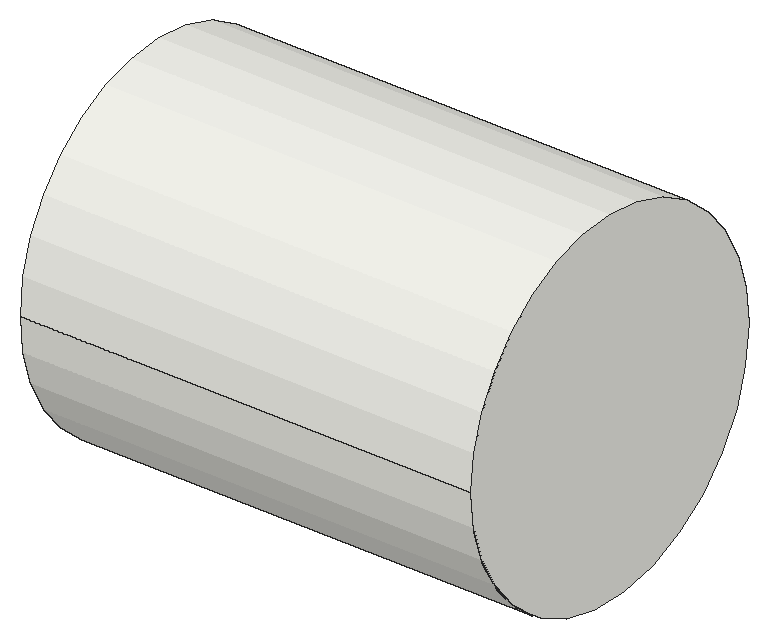
Revit family "PVC_Luva", category Pipe Fittings, Revit 2025
Family settings
  Round Connector Dimension = Use Radius
  Part Type = Union
  OmniClass Number = 23.60.30.11.14
  OmniClass Title = Pipework Fittings
  Work Plane-Based = No
  Always vertical = Yes
  Cut with Voids When Loaded = No
  Shared = No
Parameters
  Tick Size [instance] = Socket Outside Diameter * 0.4  # 0.452"
  Socket Outside Radius [instance] = Socket Outside Diameter / 2  # 0.565"
  Socket Outside Diameter [instance] = size_lookup(Lookup Table Name, "SOD", 1.13 * Nominal Diameter + 113/256", Nominal Diameter)  # 1.13"
  Nominal Radius [instance] = 1/4"
  Nominal Diameter [instance] = Nominal Radius * 2  # 1/2"
  Loss Method = K Coefficient from Table
  Lookup Table Name = "Coupling - PVC - Sch 40"
  Length 1 [instance] = Length / 2  # 0.735"
  Length [instance] = size_lookup(Lookup Table Name, "Lgt", 0.93 * Nominal Diameter + 57/64", Nominal Diameter)  # 1.47"
  K Coefficient Table = "Reducer/Coupling/Union/Increaser"
  Default Elevation = 0.000 m
Reference planes (m)
  plane 1 "Center (Front/Back)": y = 0
  plane 2: z = 0
  plane 3 "Center (Left/Right)": x = 0
  plane 4: x = -0.018669
  plane 5: x = 0.018669
Forms (m)
  Extrusion 1, solid, material "PVC", detail levels fine
    sketch origin (0, 0, 0) x (0, 1, 0) y (0, 0, 1)
      loop
        circle (0, 0) r 0.014351
    from -0.018669 to 0.018669
Lines and regions (m)
  model lines, detail levels coarse+medium
    curve 1: line (-0.018669, 0, 0) -> (0.018669, 0, 0)
    curve 2: line (-0.018669, 0, 0) -> (-0.018669, 0.011481, 0)
    curve 3: line (-0.018669, 0, 0) -> (-0.018669, -0.011481, 0)
    curve 4: line (0.018669, 0, 0) -> (0.018669, 0.011481, 0)
    curve 5: line (0.018669, 0, 0) -> (0.018669, -0.011481, 0)
Dimensions and locks (m)
  equal spacing: plane 4, plane 3 "Center (Left/Right)", plane 5
  "Length 1": plane 4 to plane 3 "Center (Left/Right)"
  "Tick Size": plane 1 "Center (Front/Back)" to curve 2
  "Tick Size": curve 3 to plane 1 "Center (Front/Back)"
  equal spacing: curve 5, plane 1 "Center (Front/Back)", curve 4
  "Tick Size": plane 1 "Center (Front/Back)" to curve 4
  "Socket Outside Radius": radius of Extrusion 1 sketch curve
  aligned and locked: plane 1 "Center (Front/Back)" to Extrusion 1 sketch curve
  aligned and locked: level to Extrusion 1 sketch curve
  aligned and locked: Extrusion 1 to plane 4
  aligned and locked: plane 1 "Center (Front/Back)" to curve 1
  aligned and locked: plane 4 to curve 1
  aligned and locked: plane 5 to curve 1
  aligned and locked: plane 5 to Extrusion 1
Connectors (m)
  piping at (-0.018669, 0, 0), diameter 0.0127, driven by "Nominal Radius"
    settings: on Extrusion 1, index 1, connector inside diameter 1/2", connector length 0.000 m, flow factor 0, pipe flow 0 GPM, pressure drop 0.00 psi, fitting loss kfactor 0, connector angle 0.00°, fixture units 0, engagement length 0.000 m, angle of deflection 0.00°, flow configuration 0, flow direction 0, fitting loss method 0, system type 28, joint type 0, gender type 0, connector reference index 2, connector utility 0, adjustable connector no, is connector primary yes, connector description ""
  piping at (0.018669, 0, 0), diameter 0.0127, driven by "Nominal Radius"
    settings: on Extrusion 1, index 2, connector inside diameter 1/2", connector length 0.000 m, flow factor 0, pipe flow 0 GPM, pressure drop 0.00 psi, fitting loss kfactor 0, connector angle 0.00°, fixture units 0, engagement length 0.000 m, angle of deflection 0.00°, flow configuration 0, flow direction 0, fitting loss method 0, system type 28, joint type 0, gender type 0, connector reference index 1, connector utility 0, adjustable connector no, is connector primary no, connector description ""
